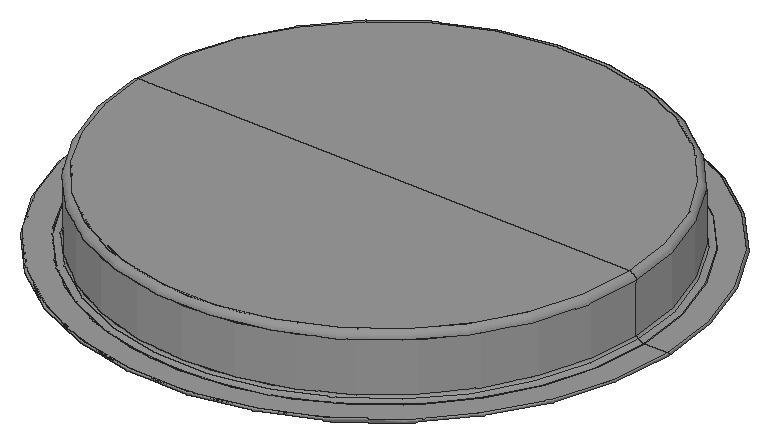
Revit family "MIA12_63_UN_Downlighter_ETK", category Lighting Fixtures, Revit 2017 (continued)
Definition of nested family "MIA.1 - Lightsource"
  Types (8, lengths in mm): name | Wattage | built-in parameter 1150134 | Photometric Web File | built-in parameter 1150142 | built-in parameter 1150105 | Lumens | built-in parameter 1150107 | built-in parameter 1150106
    MIA.1210.25/35 -  Ø180 / 10W / 1000lm / 3000K | 6.7321 W | (empty or 0) | "MIA.1210.25_LDT.ies" | "IESNA91\r\n[MANUFAC]  www.etk.nl\r\n[LUMCAT] MIA.1210.25\r\n[LUMINAIRE] MIA.1 LED 10W 3000K ø180 1000Lm alu  \r\n[LAMP] LED\r\n[CHANGED] this file converted to 'ies' from 'ldt' by IES Viewer v2.99n    (C) Andrey Legotin\r\nTILT=NONE\r\n1 1000 1 181 24 1 2 0 -0.16 0\r\n1 1 10\r\n0 1 2 3 4 5 6 7 8 9 10 11 12 13 14 15 16 17 18 19 20 21 22 \r\n23 24 25 26 27 28 29 30 31 32 33 34 35 36 37 38 39 40 41 42 \r\n43 44 45 46 47 48 49 50 51 52 53 54 55 56 57 58 59 60 61 62 \r\n63 64 65 66 67 68 69 70 71 72 73 74 75 76 77 78 79 80 81 82 \r\n83 84 85 86 87 88 89 90 91 92 93 94 95 96 97 98 99 100 101 \r\n102 103 104 105 106 107 108 109 110 111 112 113 114 115 116 \r\n117 118 119 120 121 122 123 124 125 126 127 128 129 130 131 \r\n132 133 134 135 136 137 138 139 140 141 142 143 144 145 146 \r\n147 148 149 150 151 152 153 154 155 156 157 158 159 160 161 \r\n162 163 164 165 166 167 168 169 170 171 172 173 174 175 176 \r\n177 178 179 180 \r\n0 15 30 45 60 75 90 105 120 135 150 165 180 195 210 225 240 \r\n255 270 285 300 315 330 345 \r\n346.7666 346.96 346.9237 346.8029 346.1864 346.1139 \r\n345.4611 344.9293 344.1073 343.7931 342.8381 341.5206 \r\n340.2635 338.6317 336.9394 334.9934 332.5879 331.4638 \r\n329.7474 327.3661 325.1541 322.652 320.5125 317.95 314.9523 \r\n312.4018 309.4524 306.3459 303.0098 300.0121 296.9539 \r\n293.2189 289.5322 285.8697 282.0742 278.2546 274.6283 \r\n270.7845 266.8198 262.4199 258.3706 253.9466 249.5588 \r\n245.2315 240.2393 235.6219 230.9924 226.387 222.0839 \r\n216.6203 211.3381 206.5031 201.3659 196.3858 190.9223 \r\n185.8334 180.3941 175.0635 169.6483 163.8342 159.0112 \r\n153.318 147.4193 142.0525 136.4559 130.8473 125.0695 \r\n119.3884 113.7314 108.0865 102.4417 96.9298 91.3212 85.5675 \r\n80.1402 74.6283 69.1285 63.4715 58.1651 52.7257 47.3951 \r\n42.2217 37.0241 31.9231 26.8343 21.8421 16.9588 12.1721 \r\n7.5063 3.1911 0.7857 0.133 0.1209 0.1209 0.1209 0.1209 \r\n0.1209 0.1209 0.1209 0.1209 0.1209 0.133 0.1451 0.1571 \r\n0.1571 0.1692 0.1692 0.1813 0.1813 0.2055 0.2055 0.2176 \r\n0.2297 0.2418 0.2538 0.2659 0.2659 0.278 0.278 0.2901 \r\n0.3022 0.3264 0.3264 0.3143 0.3264 0.3385 0.3505 0.3505 \r\n0.3626 0.3747 0.3868 0.3868 0.3989 0.411 0.411 0.411 0.4352 \r\n0.4352 0.4352 0.4472 0.4472 0.4593 0.4714 0.4714 0.4835 \r\n0.4956 0.4956 0.4956 0.5077 0.5077 0.5077 0.5077 0.5198 \r\n0.5198 0.5198 0.5319 0.5319 0.5319 0.5319 0.5319 0.5319 \r\n0.5319 0.5319 0.5319 0.5319 0.5319 0.5319 0.556 0.556 0.556 \r\n0.556 0.6044 0.6165 0.6406 0.6406 0.6527 0.6527 0.6527 \r\n0.6527 0.6527 0.6406 \r\n348.3742 347.7578 349.2083 348.2413 348.0962 346.9842 \r\n346.5248 345.9084 346.0172 344.8326 343.6964 343.6722 \r\n341.0734 340.3119 338.2812 336.3472 334.5582 332.9868 \r\n331.1374 328.3936 327.2936 324.5739 321.3828 319.6059 \r\n316.4632 313.7314 311.4469 307.7602 305.0526 301.9098 \r\n298.6341 295.1287 291.7442 287.7674 284.5401 280.5633 \r\n276.9733 273.3954 269.0801 264.6924 260.6551 256.6421 \r\n252.1818 247.1776 243.092 238.535 234.0868 229.3122 \r\n224.4772 218.8807 213.2842 207.6877 202.5867 197.6067 \r\n192.7958 187.5378 181.9413 176.3447 170.8933 165.466 \r\n160.0266 154.6356 149.0632 143.4667 137.9669 132.455 \r\n126.931 120.7784 115.1698 109.6337 103.9768 98.2594 92.5299 \r\n86.9213 81.4094 75.9579 70.3856 64.9462 59.4585 54.14 \r\n48.7731 43.503 38.2086 33.0835 28.0189 23.063 18.0708 \r\n13.1875 8.4854 3.9889 1.1483 0.0967 0.0967 0.1088 0.1088 \r\n0.1088 0.1209 0.1209 0.1209 0.133 0.1451 0.1571 0.1692 \r\n0.1692 0.1813 0.1934 0.1934 0.2055 0.2176 0.2297 0.2297 \r\n0.2418 0.2538 0.2659 0.278 0.278 0.2901 0.3022 0.3143 \r\n0.3264 0.3264 0.3385 0.3505 0.3626 0.3626 0.3626 0.3747 \r\n0.3868 0.3989 0.3989 0.411 0.4231 0.4231 0.4352 0.4352 \r\n0.4472 0.4593 0.4593 0.4714 0.4714 0.4835 0.4956 0.5077 \r\n0.5077 0.5077 0.5077 0.5077 0.5319 0.5319 0.5319 0.5319 \r\n0.5319 0.5319 0.5319 0.5319 0.5319 0.5319 0.5439 0.5439 \r\n0.5439 0.5439 0.5439 0.5439 0.5439 0.556 0.556 0.556 0.5681 \r\n0.5681 0.5802 0.6044 0.6044 0.6165 0.6165 0.6165 0.6286 \r\n0.6286 0.6406 0.6286 0.6286 0.6406 \r\n347.794 348.1083 348.0479 347.7336 347.5402 347.6973 \r\n346.8512 346.0293 345.7512 344.5667 343.7326 342.5964 \r\n341.2426 340.0218 338.5229 336.9394 335.0538 333.4341 \r\n331.5363 329.2518 327.5837 324.719 322.2048 319.896 \r\n317.1401 313.816 311.193 308.3887 305.3427 301.8494 \r\n298.8396 295.2133 291.297 288.263 284.528 280.6237 276.6348 \r\n273.1415 269.4669 265.466 260.3409 256.5333 251.7104 \r\n247.0809 242.8865 238.8372 234.2198 228.9617 224.2717 \r\n219.2917 213.9369 209.2711 204.5207 198.9121 193.6178 \r\n188.5289 183.2346 177.3722 172.1383 166.6747 161.1749 \r\n156.1102 150.2115 144.5546 138.8614 133.3495 127.9101 \r\n121.9872 116.4511 110.7579 105.0647 99.3714 93.9562 88.3476 \r\n82.8357 77.1909 71.6306 66.1187 60.776 55.2037 49.7885 \r\n44.5908 39.3086 34.0868 28.9738 23.9333 18.9532 14.1182 \r\n9.3074 4.7625 1.4747 0.133 0.1209 0.1209 0.1209 0.1209 \r\n0.1209 0.1209 0.1209 0.1209 0.1209 0.1209 0.1451 0.1571 \r\n0.1571 0.1571 0.1692 0.1813 0.1934 0.2055 0.2055 0.2176 \r\n0.2297 0.2418 0.2418 0.2538 0.2659 0.278 0.278 0.2901 \r\n0.3022 0.3143 0.3264 0.3264 0.3264 0.3264 0.3385 0.3505 \r\n0.3626 0.3626 0.3868 0.3868 0.3989 0.3989 0.411 0.411 \r\n0.4352 0.4352 0.4352 0.4472 0.4472 0.4593 0.4714 0.4714 \r\n0.4835 0.4956 0.4956 0.5077 0.5077 0.5077 0.5077 0.5077 \r\n0.5198 0.5198 0.5319 0.5319 0.5319 0.5319 0.5319 0.5319 \r\n0.5439 0.5439 0.5439 0.5439 0.5439 0.5439 0.5439 0.556 \r\n0.556 0.556 0.5681 0.6044 0.6286 0.6406 0.6527 0.6648 \r\n0.6648 0.6769 0.6769 0.6648 0.6406 \r\n346.5369 347.8666 347.2017 346.4161 346.3798 346.4886 \r\n346.3677 345.8359 344.8205 344.7963 343.5755 342.0887 \r\n340.88 339.6591 338.8009 337.701 334.9208 332.9868 330.8594 \r\n328.865 327.487 324.2355 322.3861 319.6422 317.539 315.1819 \r\n311.2897 308.0019 304.7504 302.3087 299.166 295.999 \r\n292.2761 289.0971 285.7367 281.8808 277.7106 274.0602 \r\n269.89 265.7198 261.6826 257.0893 252.762 249.2929 244.0832 \r\n239.4416 234.7758 230.1946 225.553 220.0169 214.4688 \r\n208.9448 204.0977 199.0209 193.8595 188.6136 182.9929 \r\n177.6744 172.38 166.8923 161.465 156.1465 150.5137 144.893 \r\n139.369 133.7121 127.6804 122.3136 116.7533 111.0963 \r\n105.5482 99.7462 94.1376 88.4564 82.9808 77.3963 71.7515 \r\n66.4209 60.8365 55.6388 50.1511 44.8205 39.5383 34.4978 \r\n29.3485 24.3201 19.2917 14.36 9.6821 5.0284 1.5956 0.1088 \r\n0.0967 0.1088 0.1088 0.1209 0.1209 0.1209 0.133 0.1451 \r\n0.1451 0.1571 0.1571 0.1813 0.1813 0.1934 0.1934 0.2055 \r\n0.2176 0.2297 0.2418 0.2418 0.2538 0.2659 0.278 0.2901 \r\n0.2901 0.3143 0.3143 0.3264 0.3385 0.3385 0.3505 0.3626 \r\n0.3626 0.3747 0.3747 0.3868 0.3868 0.3989 0.411 0.4231 \r\n0.4231 0.4231 0.4352 0.4352 0.4352 0.4472 0.4593 0.4593 \r\n0.4714 0.4835 0.4956 0.5077 0.5077 0.5077 0.5198 0.5198 \r\n0.5198 0.5198 0.5198 0.5198 0.5198 0.5319 0.5319 0.5319 \r\n0.5319 0.5319 0.5319 0.5319 0.5439 0.5439 0.5439 0.5439 \r\n0.556 0.556 0.5681 0.5681 0.5802 0.5923 0.6044 0.6044 \r\n0.6165 0.6165 0.6286 0.6286 0.6406 0.6406 0.6406 0.6406 \r\n0.6406 \r\n347.0688 347.5402 348.0358 348.3501 348.2413 347.1655 \r\n346.7787 347.2259 345.8721 345.0381 343.9744 342.3788 \r\n341.3514 339.6229 338.7526 337.3142 335.1988 333.0956 \r\n330.8836 329.0221 327.1123 324.7069 322.2168 319.1708 \r\n317.1401 314.5655 311.3139 308.7151 305.3669 302.212 \r\n299.2747 295.5397 291.986 288.6377 284.9631 280.9017 \r\n277.348 273.5646 269.7208 265.611 261.1024 256.9201 \r\n252.4115 247.6611 243.2733 238.8734 233.7363 229.3606 \r\n224.586 219.3279 214.6863 209.5975 204.6416 199.3714 \r\n194.4035 189.0487 183.4159 178.1458 172.7306 166.9527 \r\n161.6584 156.2553 150.6829 145.0502 139.4778 133.8813 \r\n128.321 122.5553 117.1401 111.4469 105.7416 100.0363 \r\n94.3914 88.5894 83.1863 77.6139 72.0053 66.6143 60.9573 \r\n55.663 50.3324 45.0018 39.8163 34.5703 29.4331 24.4168 \r\n19.4246 14.5413 9.7667 5.1735 1.6439 0.1692 0.1209 0.1088 \r\n0.1088 0.1088 0.1088 0.1088 0.1088 0.1088 0.1209 0.1209 \r\n0.1451 0.1451 0.1571 0.1571 0.1692 0.1813 0.1813 0.2055 \r\n0.2176 0.2176 0.2297 0.2297 0.2418 0.2538 0.2659 0.278 \r\n0.278 0.2901 0.3022 0.3264 0.3264 0.3264 0.3264 0.3385 \r\n0.3505 0.3505 0.3626 0.3747 0.3747 0.3868 0.3989 0.411 \r\n0.411 0.411 0.4352 0.4352 0.4472 0.4352 0.4352 0.4472 \r\n0.4472 0.4593 0.4593 0.4714 0.4714 0.4956 0.4956 0.5077 \r\n0.5077 0.5077 0.5198 0.5198 0.5198 0.5319 0.5319 0.5319 \r\n0.5319 0.5319 0.5319 0.5319 0.5319 0.5319 0.5319 0.5439 \r\n0.5439 0.5439 0.556 0.556 0.5681 0.6044 0.6286 0.6406 \r\n0.6527 0.6648 0.6769 0.6769 0.6769 0.6648 0.6406 \r\n347.794 348.1687 348.2654 347.4677 348.2171 347.238 \r\n347.3105 347.3105 345.6425 345.0743 343.9502 343.2975 \r\n341.9074 340.1185 338.7888 337.3504 335.7186 333.7 331.633 \r\n329.8078 327.7408 325.0453 322.7124 320.0894 317.5632 \r\n314.3962 312.3414 308.5459 305.8262 302.3329 299.7824 \r\n296.3133 293.0134 289.4597 285.4345 281.9896 277.904 \r\n274.4712 270.3493 266.6022 262.2628 257.6695 253.1125 \r\n248.8577 244.6392 239.8888 235.3197 230.3759 225.8189 \r\n220.2708 214.7226 209.1744 203.9043 198.9605 193.8716 \r\n188.6015 183.2588 177.7832 172.3438 167.0615 161.5134 \r\n155.9289 150.3203 144.5788 139.1394 133.4462 127.8134 \r\n122.1322 116.4995 110.7579 105.1855 99.6374 93.92 88.3114 \r\n82.7874 76.9491 71.3889 66.0703 60.5584 55.2158 49.8852 \r\n44.5304 39.2723 34.0505 28.9496 23.9454 18.929 14.1061 \r\n9.3557 4.7625 1.4505 0.1088 0.1088 0.1088 0.1088 0.1209 \r\n0.1209 0.1209 0.133 0.1451 0.1571 0.1571 0.1692 0.1813 \r\n0.1813 0.1934 0.2055 0.2176 0.2176 0.2297 0.2418 0.2538 \r\n0.2659 0.2659 0.278 0.2901 0.3022 0.3143 0.3264 0.3264 \r\n0.3385 0.3505 0.3505 0.3626 0.3626 0.3747 0.3747 0.3989 \r\n0.3989 0.411 0.4231 0.4352 0.4352 0.4352 0.4472 0.4472 \r\n0.4593 0.4714 0.4714 0.4835 0.4835 0.4956 0.5077 0.5077 \r\n0.5077 0.5198 0.5077 0.5198 0.5198 0.5319 0.5319 0.5319 \r\n0.5319 0.5319 0.5319 0.5319 0.5319 0.5319 0.5319 0.5439 \r\n0.5439 0.5439 0.5439 0.556 0.556 0.5681 0.5681 0.5802 \r\n0.5802 0.5923 0.6044 0.6165 0.6286 0.6286 0.6406 0.6406 \r\n0.6527 0.6648 0.6527 0.6527 0.6406 \r\n347.4918 347.4556 347.0325 346.9842 346.5611 346.2589 \r\n344.7842 343.3579 342.959 342.2338 341.025 339.9613 \r\n338.6438 336.9515 335.1868 333.3253 331.5363 329.699 \r\n327.4387 324.586 322.0355 320.3554 317.6599 314.3962 \r\n312.1963 309.1502 306.08 302.9494 299.6011 296.7243 \r\n293.6299 289.7256 286.0389 282.8841 279.4029 275.3656 \r\n271.7877 267.5571 263.3627 259.2893 254.8773 250.9489 \r\n246.3314 242.0283 237.4109 232.9626 228.3694 223.6553 \r\n218.2401 212.8128 207.3855 202.0065 197.5946 192.1794 \r\n187.2235 182.1709 176.8645 171.6548 166.5297 161.054 \r\n155.4938 150.0665 144.8447 139.5141 133.8692 128.1035 \r\n122.7004 117.1643 111.7853 106.2976 100.8703 95.3705 \r\n89.9553 84.5038 79.2457 73.6976 68.2098 63.0726 57.7058 \r\n52.5565 47.3589 42.3426 37.3021 32.3462 27.4628 22.6278 \r\n17.9016 13.1996 8.6667 4.2669 1.2571 0.0484 0.0604 0.0604 \r\n0.0725 0.0604 0.0725 0.0846 0.0846 0.0967 0.0967 0.1088 \r\n0.1209 0.1209 0.133 0.1451 0.1451 0.1571 0.1692 0.1813 \r\n0.1813 0.1934 0.2055 0.2055 0.2176 0.2297 0.2418 0.2418 \r\n0.2538 0.2538 0.2659 0.278 0.278 0.2901 0.3022 0.3022 \r\n0.3143 0.3143 0.3264 0.3264 0.3385 0.3505 0.3626 0.3626 \r\n0.3626 0.3747 0.3747 0.3868 0.3989 0.411 0.411 0.4231 \r\n0.4352 0.4352 0.4472 0.4472 0.4593 0.4593 0.4714 0.4714 \r\n0.4714 0.4835 0.4835 0.4956 0.4835 0.4956 0.5077 0.5077 \r\n0.5319 0.5319 0.5439 0.5439 0.556 0.5681 0.5802 0.5802 \r\n0.5923 0.6044 0.6165 0.6165 0.6165 0.6286 0.6286 0.6286 \r\n0.6406 0.6406 0.6406 0.6406 0.6406 0.6406 0.6406 \r\n348.6764 348.9907 348.3863 347.516 346.8029 346.4886 \r\n345.8359 345.0864 344.0348 342.8986 341.6173 340.3239 \r\n339.3449 337.2295 335.2955 333.3132 331.6814 329.3122 \r\n327.7408 325.4321 322.7487 320.4883 318.2159 315.6896 \r\n312.2809 309.3557 306.6965 303.8317 300.0242 296.5551 \r\n292.7475 289.6531 285.8697 282.5819 278.4117 274.9547 \r\n271.413 267.3758 263.121 258.6486 254.2367 249.9819 \r\n245.3282 240.5173 236.1779 231.8869 226.8101 222.1806 \r\n217.3456 212.4501 207.6756 202.5746 197.6188 192.1552 \r\n187.1026 182.1105 176.8766 171.5218 166.1912 160.5222 \r\n155.5663 149.8489 144.204 138.7767 133.2165 127.7167 \r\n122.096 116.717 111.2172 105.7053 100.2055 94.6211 89.2784 \r\n83.8511 78.3392 72.9844 67.5209 62.2749 56.9564 51.928 \r\n46.6699 41.569 36.5043 31.4517 26.6892 21.818 16.9588 \r\n12.3776 7.8206 3.5537 0.9428 0.0967 0.0725 0.0725 0.0725 \r\n0.0725 0.0725 0.0725 0.0725 0.0725 0.0846 0.0967 0.0967 \r\n0.0967 0.1088 0.1209 0.133 0.133 0.1451 0.1571 0.1571 \r\n0.1692 0.1813 0.1813 0.1934 0.2055 0.2176 0.2176 0.2297 \r\n0.2418 0.2418 0.2538 0.2659 0.2659 0.278 0.278 0.2901 \r\n0.2901 0.3022 0.3143 0.3143 0.3264 0.3264 0.3385 0.3385 \r\n0.3505 0.3505 0.3626 0.3626 0.3868 0.3868 0.3989 0.3989 \r\n0.411 0.4231 0.4231 0.4472 0.4352 0.4352 0.4472 0.4472 \r\n0.4472 0.4472 0.4593 0.4593 0.4593 0.4714 0.4956 0.4956 \r\n0.5077 0.5077 0.5198 0.5319 0.5439 0.556 0.556 0.5681 \r\n0.5681 0.5802 0.5923 0.6286 0.6286 0.6406 0.6406 0.6527 \r\n0.6648 0.6648 0.6648 0.6648 0.6406 0.6406 \r\n347.5281 347.5281 347.8424 347.9391 347.4677 346.3677 \r\n346.5853 345.2798 343.7326 342.5118 341.4723 339.8525 \r\n338.5592 336.746 335.0659 333.6396 331.2704 329.421 \r\n326.5925 325.1541 322.7971 320.4762 317.6236 314.7589 \r\n311.5919 308.5338 305.8866 302.5867 299.5286 295.9869 \r\n292.9288 289.1092 285.4829 281.9171 278.2787 274.314 \r\n270.2526 265.9857 262.3957 258.0322 254.2971 248.894 \r\n244.9414 240.2514 235.8153 231.0045 226.4717 221.1531 \r\n215.8346 210.5161 205.669 200.8824 195.3584 190.5113 \r\n185.3983 180.3941 174.5558 169.5999 164.3297 158.9871 \r\n153.5114 147.9512 142.4876 137.0966 131.5001 125.9761 \r\n120.4883 114.8918 109.6217 103.9647 98.5737 93.1464 87.5378 \r\n82.2072 76.8766 71.3647 66.0462 60.8365 55.5663 50.3445 \r\n45.2315 40.1668 35.0296 30.0616 25.2508 20.4279 15.7863 \r\n11.1205 6.6119 2.5505 0.4835 0.0484 0.0484 0.0604 0.0604 \r\n0.0725 0.0725 0.0846 0.0846 0.0967 0.0967 0.1088 0.1209 \r\n0.1209 0.133 0.1451 0.1571 0.1571 0.1692 0.1813 0.1934 \r\n0.1934 0.2055 0.2055 0.2176 0.2297 0.2418 0.2418 0.2538 \r\n0.2538 0.2659 0.278 0.278 0.2901 0.2901 0.3022 0.3143 \r\n0.3143 0.3264 0.3264 0.3385 0.3385 0.3505 0.3505 0.3626 \r\n0.3626 0.3747 0.3868 0.3989 0.3989 0.411 0.4231 0.4231 \r\n0.4352 0.4472 0.4472 0.4593 0.4593 0.4593 0.4714 0.4714 \r\n0.4714 0.4714 0.4835 0.4835 0.4956 0.5077 0.5077 0.5198 \r\n0.5319 0.5439 0.5439 0.556 0.5681 0.5681 0.5802 0.5923 \r\n0.6044 0.6165 0.6165 0.6165 0.6165 0.6286 0.6286 0.6286 \r\n0.6286 0.6406 0.6286 0.6286 0.6286 0.6406 \r\n348.1083 347.3105 346.5974 346.4886 346.5248 345.9205 \r\n345.026 343.926 343.5876 342.0404 340.1064 339.2723 \r\n337.3625 336.1658 333.7121 331.9836 330.4243 328.0672 \r\n325.8552 323.2685 320.8872 317.9258 315.3753 312.5831 \r\n309.4162 306.7569 303.723 300.9187 297.9814 294.198 \r\n290.5838 286.9455 283.5247 279.693 276.1634 272.0658 \r\n268.0527 264.1605 259.8332 255.3487 250.961 246.7666 \r\n242.1733 238.124 233.6275 228.7562 223.752 218.8928 214.082 \r\n209.3557 204.5086 199.7099 194.4639 189.0608 183.6819 \r\n178.7622 173.1778 168.0527 162.7705 157.2344 151.9038 \r\n146.3556 140.9767 135.2714 130.1342 124.7311 119.1708 \r\n113.5138 108.014 102.5384 97.2803 91.708 86.1598 80.805 \r\n75.3052 69.9142 64.5473 59.3618 54.0916 49.0149 43.8051 \r\n38.8493 33.8088 28.8045 24.0421 19.2796 14.5534 9.8634 \r\n5.4756 1.8252 0.1813 0.0725 0.0725 0.0725 0.0725 0.0725 \r\n0.0725 0.0725 0.0725 0.0725 0.0967 0.0967 0.0967 0.0967 \r\n0.1088 0.1209 0.133 0.1451 0.1571 0.1571 0.1571 0.1692 \r\n0.1813 0.1813 0.2055 0.2055 0.2176 0.2176 0.2297 0.2418 \r\n0.2418 0.2538 0.2659 0.2659 0.2659 0.278 0.278 0.2901 \r\n0.3022 0.3143 0.3143 0.3264 0.3264 0.3264 0.3385 0.3385 \r\n0.3505 0.3626 0.3747 0.3868 0.3868 0.3989 0.3989 0.3989 \r\n0.411 0.4231 0.4352 0.4352 0.4472 0.4352 0.4472 0.4472 \r\n0.4472 0.4593 0.4593 0.4593 0.4714 0.4835 0.4835 0.4956 \r\n0.5077 0.5198 0.5198 0.5439 0.556 0.556 0.556 0.5681 0.5681 \r\n0.5923 0.6165 0.6286 0.6286 0.6286 0.6406 0.6406 0.6527 \r\n0.6527 0.6527 0.6406 0.6406 \r\n347.5765 347.3105 347.1534 347.0688 346.2589 345.2798 \r\n344.7963 343.8172 342.7535 341.6415 340.058 339.0548 \r\n337.1812 335.1505 333.2648 331.3913 329.4331 326.9552 \r\n324.9365 322.2894 320.0
